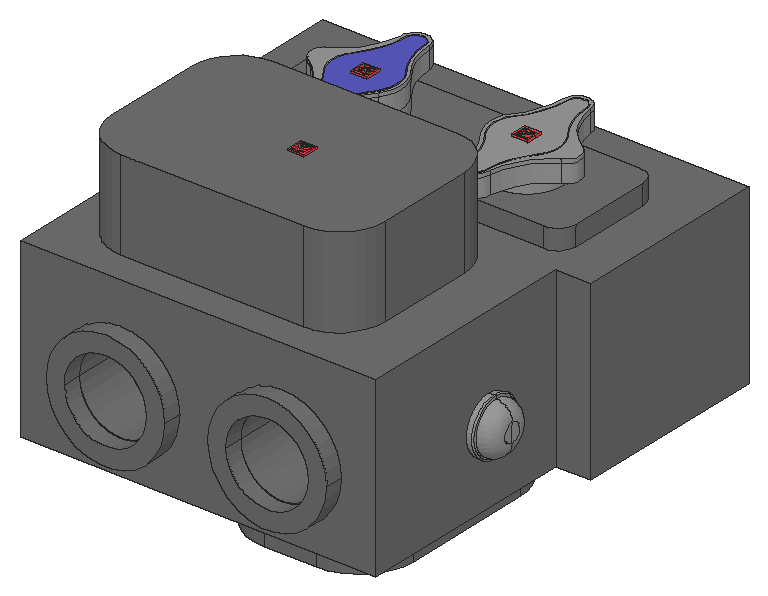
Revit family "HerzCon-узел прямого подключения для фанкойлов 90мм", category Rohrzubehör, Revit 2020
Family settings
  Bemaßung runder Anschluss = Durchmesser verwenden
  Teiletyp = Unterbricht
  OmniClass-Nummer = 23.65.55.14
  OmniClass-Titel = Valves for Liquid Services
  Arbeitsebenenbasiert = Nein
  Immer vertikal = Ja
  Beim Laden mit Abzugskörper schneiden = Nein
  Gemeinsam genutzt = Nein
Parameters (values of type "DN25")
  Среда = "Вода для системы отопления подготавливается в соответствии с ÖNORM H5195 или VDI 2035.\r\nВозможно использование этилена или пропиленгликоля в концентрации 25-50% объема."
  Применение = "HerzCON был разработан для простого подключения фанкойлов или AHU.\r\nHerzCON - это устройство, состоящее из независимого от давления комби-клапана - регулятора расхода (4006), HERZ фильтра-грязевика, HERZ крана для слива (2512) и двух HERZ мультифункциональных шаровых кранов.\r\nВключение, выключение и модульное управление возможно производить через приводы 0 - 10 В.\r\nПриводы могут быть интегрированы в BMS при необходимости.\r\nУстройство обеспечивает независимое от давления управление и в то же время гарантирует постоянный расход для конечного потребителя, максимизируя энергоэффективность системы.\r\nУстройство HerzCON также позволяет производить промывку и запирание.\r\nHerzCON предназначен для работы как в системах холодоснабжения, так и теплоснабжения.\r\nКран для слива, установленный на сетчатом фильтре, позволяет производить промывку устройства без необходимости извлечения сетчатого фильтра, а также позволяет очищать сетчатый фильтр в самом устройстве."
  Номер заказа теплоизолирующего кожуха [instance] = 1470098  # constant formula
  Номер заказа [instance] = 1460058  # constant formula
  Мин. рабочая температура = -20 °C  # constant formula
  Макс. рабочее давление = 2500000.0 Pa  # constant formula
  Макс. рабочая температура = 130 °C  # constant formula
  Макс. дифференциальное давление = 400000.0 Pa  # constant formula
  Корпус = "латунь, устойчивая к селективной цинковой коррозии"  # constant formula
  kvs-Wert (обычная работа) = "2.75"  # constant formula
  kvs-Wert (работа байпаса) = "10.00"  # constant formula
  Vorgabe-Ansicht = 0.00 mm
  URL = "www.herz-armaturen.ru"
  SCRNSEQ = "ARM;TYP_ARM=\"DURR\";02"
  SCRNCODE = "05;04;04"  # constant formula
  Nennweite SF [instance] = 32.00 mm  # constant formula
  Nennweite Kombi [instance] = 32.00 mm  # constant formula
  Nennweite KH [instance] = 25.00 mm  # constant formula
  Мембрана и уплотнительное кольцо O-Ring = "EPDM"  # constant formula
  L11 = 14.00 mm  # constant formula
  L10 = 25.00 mm  # constant formula
  L09 = 16.00 mm  # constant formula
  L08 = 14.75 mm  # constant formula
  L07 = 12.50 mm  # constant formula
  L06 = 20.50 mm  # constant formula
  L04 = 45.00 mm  # constant formula
  L03 = 18.00 mm  # constant formula
  L02 = 4.80 mm  # constant formula
  L01 = 19.85 mm  # constant formula
  L00 [instance] = 189.70 mm  # constant formula
  L05 = 22.00 mm  # constant formula
  Теплоизолирующий бокс = "EPP, вспененный полипропилен, паронепроницаемый, антидиффузионный, черного цвета"  # constant formula
  Ход = "4 мм"  # constant formula
  Hersteller = "HERZ Armaturen Ges.m.b.H."  # constant formula
  H02 = D02 + 1.00 mm  # 28.00 mm
  H01 = 39.50 mm  # constant formula
  Изоляция [instance] = yes
  D11 = 20.00 mm  # constant formula
  D10 = 13.00 mm  # constant formula
  D09 = 18.90 mm  # constant formula
  D08 = 19.10 mm  # constant formula
  D07 = 14.85 mm  # constant formula
  D06 = 32.60 mm  # constant formula
  D05 = 33.80 mm  # constant formula
  D04 = 15.50 mm  # constant formula
  D03 = 21.25 mm  # constant formula
  D02 = 27.00 mm  # constant formula
  D01 = 15.00 mm  # constant formula
Reference planes
  plane 1 "Mitte (Vorne/hinten)": y = 0
  plane 2: z = 0
  plane 3 "Mitte (Links/rechts)": x = 0
Forms (mm)
  Revolve 1, solid, material "Messing, weicher Gelbton, geschweißt", detail levels fine
    sketch origin (-0.315, -1.436, 0) x (1, 0, 0) y (0, 1, 0)
      loop
        line (-94.535, 1.436) -> (95.165, 1.436) -> (95.165, 16.436) -> (75.315, 16.436) -> (75.315, 28.436) -> (23.115, 28.436) -> (23.115, 22.686) -> (18.315, 22.686) -> (18.315, 16.936) -> (-17.685, 16.936) -> (-17.685, 22.686) -> (-22.485, 22.686) -> (-22.485, 28.436) -> (-74.685, 28.436) -> (-74.685, 16.436) -> (-94.535, 16.436) -> (-94.535, 1.436)
      axis (95.165, 1.436) -> (-94.535, 1.436)
    angle from 0 to 360
  Revolve 2, solid, material "Messing, weicher Gelbton, geschweißt", detail levels fine
    sketch origin (0, 0, 0) x (1, 0, 0) y (0, 1, 0)
      loop
        line (-45, 28.35) -> (-57.5, 28.35) -> (-57.5, 47.45) -> (-65.5, 47.45) -> (-65.5, 32.6) -> (-67, 32.6) -> (-67, -33.8) -> (-59.75, -33.8) -> (-59.75, -45.7) -> (-70, -45.7) -> (-70, -65.7) -> (-61, -65.7) -> (-61, -52.7) -> (-45, -52.7) -> (-45, 28.35)
      axis (-45, 47.45) -> (-45, -65.7)
    angle from 0 to 360
  Revolve 3, solid, material "Messing, weicher Gelbton, geschweißt", detail levels fine
    sketch origin (0, 0, 0) x (-1, 0, 0) y (0, 1, 0)
      loop
        line (-45, 28.35) -> (-57.5, 28.35) -> (-57.5, 47.45) -> (-65.5, 47.45) -> (-65.5, 32.6) -> (-67, 32.6) -> (-67, -33.8) -> (-59.75, -33.8) -> (-59.75, -45.7) -> (-70, -45.7) -> (-70, -65.7) -> (-61, -65.7) -> (-61, -52.7) -> (-45, -52.7) -> (-45, 28.35)
      axis (-45, 47.45) -> (-45, -65.7)
    angle from 0 to 360
  Revolve 4, solid, material "Messing, weicher Gelbton, geschweißt", detail levels fine
    sketch origin (0, 0, 0) x (1, 0, 0) y (0, 0, 1)
      loop
        line (-45, 0) -> (-45, 39.5) -> (-59, 39.5) -> (-59, 0) -> (-45, 0)
      axis (-45, 0) -> (-45, 39.5)
    angle from 0 to 360
  Revolve 5, solid, material "Messing, weicher Gelbton, geschweißt", detail levels fine
    sketch origin (0, 0, 0) x (-1, 0, 0) y (0, 0, 1)
      loop
        line (-45, 0) -> (-45, 39.5) -> (-59, 39.5) -> (-59, 0) -> (-45, 0)
      axis (-45, 0) -> (-45, 39.5)
    angle from 0 to 360
  Revolve 6, solid, material "Messing, weicher Gelbton, geschweißt", detail levels fine
    sketch origin (0, 33.127, 0) x (1, 0, 0) y (0, 1, 0)
      loop
        line (45, -87.677) -> (29, -87.677) -> (29, -96.677) -> (30, -96.677) -> (30, -154.677) -> (29, -154.677) -> (29, -163.677) -> (45, -163.677) -> (45, -87.677)
      axis (45, -87.677) -> (45, -163.677)
    angle from 0 to 360
  Revolve 7, solid, material "Messing, weicher Gelbton, geschweißt", detail levels fine
    sketch origin (0, 0, 0) x (1, 0, 0) y (0, 1, 0)
      loop
        line (25, -92.55) -> (25, -107.55) -> (45, -107.55) -> (60, -111.55) -> (68, -111.55) -> (68, -107.55) -> (78, -107.55) -> (78, -105.55) -> (91, -105.55) -> (91, -106.55) -> (100, -106.55) -> (100, -92.55) -> (25, -92.55)
      axis (25, -92.55) -> (100, -92.55)
    angle from 0 to 360
  Revolve 8, solid, material "Messing, weicher Gelbton, geschweißt", detail levels fine
    sketch origin (0, 0, 0) x (1, 0, 0) y (0, 1, 0)
      loop
        line (25, -92.55) -> (11, -92.55) -> (11, -103.55) -> (15, -103.55) -> (15, -109.55) -> (25, -109.55) -> (25, -92.55)
      axis (11, -92.55) -> (25, -92.55)
    angle from 0 to 360
  Extrusion 9, solid, material "Messing, weicher Gelbton, geschweißt", detail levels fine
    sketch origin (0, 0, 0) x (0, 1, 0) y (0, 0, 1)
      loop
        line (-87.8, 46) -> (-97.3, 46) -> (-130.012, 27.114) -> (-134.762, 18.886) -> (-134.762, -18.886) -> (-130.012, -27.114) -> (-97.3, -46) -> (-87.8, -46) -> (-55.088, -27.114) -> (-50.338, -18.886) -> (-50.338, 18.886) -> (-55.088, 27.114) -> (-87.8, 46)
    from 11 to -10.6
  Revolve 10, solid, material "Messing, weicher Gelbton, geschweißt", detail levels fine
    sketch origin (0, 0, 0) x (1, 0, 0) y (0, 1, 0)
      loop
        line (-10.6, -92.55) -> (-10.6, -62.694) -> (-14.1, -75.05) -> (-14.1, -92.55) -> (-10.6, -92.55)
      axis (-14.1, -92.55) -> (-10.6, -92.55)
    angle from 0 to 360
  Extrusion 11, solid, material "Messing, weicher Gelbton, geschweißt", detail levels fine
    sketch origin (0, 0, 0) x (1, 0, 0) y (0, 0, 1)
      loop
        line (11, 8) -> (-6.1, 8)
        arc (-6.1, 8) -> (-14.1, 0) -> (-6.1, -8) r 8
        line (-6.1, -8) -> (11, -8) -> (11, 8)
    from 49.053 to 92.55
  Revolve 12, solid, material "Messing, weicher Gelbton, geschweißt", detail levels fine
    sketch origin (0, 0, 0) x (1, 0, 0) y (0, 1, 0)
      loop
        line (-13.1, -49.053) -> (-6.1, -49.053) -> (-6.1, -33.053) -> (-13.1, -33.053) -> (-13.1, -44.053) -> (-10.1, -44.053) -> (-10.1, -46.053) -> (-13.1, -46.053) -> (-13.1, -49.053)
      axis (-6.1, -33.053) -> (-6.1, -49.053)
    angle from 0 to 360
  Revolve 13, solid, material "Messing, weicher Gelbton, geschweißt", detail levels fine
    sketch origin (45, 0, 0) x (0, 1, 0) y (0, 0, 1)
      loop
        line (-107.55, 29) -> (-116.55, 29) -> (-116.55, 0) -> (-115.35, 0) -> (-115.35, -27) -> (-114.55, -27) -> (-114.55, -30) -> (-111.55, -30) -> (-111.55, -32) -> (-114.55, -32) -> (-114.55, -43) -> (-107.55, -43) -> (-107.55, 29)
      axis (-107.55, 29) -> (-107.55, -43)
    angle from 0 to 360
  Revolve 14, solid, material "Messing, weicher Gelbton, geschweißt", detail levels fine
    sketch origin (45, 0, 0) x (0, 1, 0) y (0, 0, 1)
      loop
        line (-68.55, 29) -> (-77.55, 29) -> (-77.55, 0) -> (-68.55, 0) -> (-68.55, 29)
      axis (-77.55, 29) -> (-77.55, 0)
    angle from 0 to 360
  Revolve 15, solid, material "Messing, weicher Gelbton, geschweißt", detail levels fine
    sketch origin (5.25, 97.957, 0) x (1, 0, 0) y (0, 1, 0)
      loop
        line (-50.25, -152.507) -> (-66.25, -152.507) -> (-66.25, -167.507) -> (-67.75, -167.507) -> (-67.75, -230.907) -> (-66.25, -230.907) -> (-66.25, -242.507) -> (-50.25, -242.507) -> (-50.25, -152.507)
      axis (-50.25, -152.507) -> (-50.25, -242.507)
    angle from 0 to 360
  Revolve 16, solid, material "Messing, weicher Gelbton, geschweißt", detail levels fine
    sketch origin (-45, -230.478, 0) x (0, 1, 0) y (0, 0, 1)
      loop
        arc (130.928, -23.913) -> (141.764, -20.377) -> (148.428, -11.13) r 18.37
        line (148.428, -11.13) -> (148.428, 3) -> (149.428, 4.812) -> (149.428, 32.5) -> (149.428, 34.5) -> (148.428, 34.5) -> (148.428, 36) -> (144.428, 36) -> (144.428, 49) -> (142.55, 50.084)
        arc (142.55, 50.084) -> (140.382, 52.622) -> (140.295, 55.959) r 5
        line (140.295, 55.959) -> (141.933, 61) -> (141.933, 76) -> (144.133, 76) -> (144.133, 77.5) -> (145.912, 77.5) -> (145.912, 84) -> (144.912, 86.5) -> (133.412, 86.5) -> (133.412, 89.5) -> (134.912, 89.5) -> (134.912, 91.5) -> (130.928, 91.5) -> (130.928, -23.913)
      axis (130.928, 91.5) -> (130.928, -23.913)
    angle from 0 to 360
  Extrusion 17, solid, material "Messing, weicher Gelbton, geschweißt", detail levels fine
    sketch origin (-1, -230.478, 0) x (0, 1, 0) y (0, 0, 1)
      loop
        circle (130.928, 65) r 5.5
    from -44 to -27
  Extrusion 18, solid, material "Kunststoff-Anthrazit/Schwarz", visible <- "Изоляция", detail levels fine
    sketch origin (-452.346, 0, 0) x (1, 0, 0) y (0, 1, 0)
      loop
        line (332.346, 64.5) -> (332.346, -45.5) -> (351.746, -45.5) -> (351.746, -170.5) -> (549.946, -170.5) -> (549.946, -45.5) -> (569.346, -45.5) -> (569.346, 64.5) -> (332.346, 64.5)
    from -42 to 56
  Extrusion 19, void
    sketch origin (0, 0, 0) x (0, 1, 0) y (0, 0, 1)
      loop
        circle (-92.55, 0) r 15
    from 117 to 32.451
  Extrusion 20, void
    sketch origin (0, 0, 0) x (1, 0, 0) y (0, 0, 1)
      loop
        circle (-45, 0) r 23
      loop
        circle (45, 0) r 23
    from 184.5 to -80
  Extrusion 21, solid, material "Kunststoff-Anthrazit/Schwarz", visible <- "Изоляция", detail levels fine
    sketch origin (0, 0, 0) x (1, 0, 0) y (0, 0, 1)
      loop
        circle (-45, 0) r 33
      loop
        circle (45, 0) r 33
    from 180.5 to 170.5
  Extrusion 22, solid, material "Kunststoff-Anthrazit/Schwarz", visible <- "Изоляция", detail levels fine
    sketch origin (0, 0, 0) x (1, 0, 0) y (0, 0, 1)
      loop
        circle (-45, 0) r 33
      loop
        circle (45, 0) r 33
    from -64.5 to -74.5
  Extrusion 23, solid, material "Kunststoff-Anthrazit/Schwarz", visible <- "Изоляция", detail levels fine
    sketch origin (0, 0, 0) x (1, 0, 0) y (0, 1, 0)
      loop
        line (43.2, -46.9) -> (-58.4, -46.9)
        arc (-58.4, -46.9) -> (-76.078, -54.222) -> (-83.4, -71.9) r 25
        line (-83.4, -71.9) -> (-83.4, -128)
        arc (-83.4, -128) -> (-76.078, -145.678) -> (-58.4, -153) r 25
        line (-58.4, -153) -> (43.2, -153)
        arc (43.2, -153) -> (60.878, -145.678) -> (68.2, -128) r 25
        line (68.2, -128) -> (68.2, -71.9)
        arc (68.2, -71.9) -> (60.878, -54.222) -> (43.2, -46.9) r 25
    from 56 to 106
  Extrusion 24, solid, material "Kunststoff-Anthrazit/Schwarz", visible <- "Изоляция", detail levels fine
    sketch origin (0, 0, 0) x (1, 0, 0) y (0, 1, 0)
      loop
        arc (81.5, -33.43) -> (88.571, -30.501) -> (91.5, -23.43) r 10
        line (91.5, -23.43) -> (91.5, 22.8)
        arc (91.5, 22.8) -> (88.571, 29.871) -> (81.5, 32.8) r 10
        line (81.5, 32.8) -> (-81.5, 32.8)
        arc (-81.5, 32.8) -> (-88.571, 29.871) -> (-91.5, 22.8) r 10
        line (-91.5, 22.8) -> (-91.5, -23.43)
        arc (-91.5, -23.43) -> (-88.571, -30.501) -> (-81.5, -33.43) r 10
        line (-81.5, -33.43) -> (81.5, -33.43)
    from 56 to 67
  Extrusion 25, solid, material "Kunststoff-Anthrazit/Schwarz", visible <- "Изоляция", detail levels fine
    sketch origin (0, 0, 0) x (1, 0, 0) y (0, 1, 0)
      loop
        arc (5.4, 1.85) -> (-15.813, -6.937) -> (-24.6, -28.15) r 30
        line (-24.6, -28.15) -> (-24.6, -102.9)
        arc (-24.6, -102.9) -> (-15.813, -124.113) -> (5.4, -132.9) r 30
        line (5.4, -132.9) -> (34.4, -132.9)
        arc (34.4, -132.9) -> (55.613, -124.113) -> (64.4, -102.9) r 30
        line (64.4, -102.9) -> (64.4, -28.15)
        arc (64.4, -28.15) -> (55.613, -6.937) -> (34.4, 1.85) r 30
        line (34.4, 1.85) -> (5.4, 1.85)
    from -42 to -76
Cuts and joins
  Extrusion 19, Extrusion 20 cuts Extrusion 18
  Extrusion 20 cuts Extrusion 21
  Extrusion 20 cuts Extrusion 22
Dimensions and locks
  "D04": Revolve 1 sketch curve to Revolve 1 sketch curve
  "D03": Revolve 1 sketch curve to Revolve 1 sketch curve  (x2)
  "D01": Revolve 1 sketch curve to Revolve 1 sketch curve  (x2)
  "D02": Revolve 1 sketch curve to Revolve 1 sketch curve  (x2)
  "L00": Revolve 1 sketch curve to Revolve 1 sketch curve
  "L01": Revolve 1 sketch curve to Revolve 1 sketch curve  (x2)
  "L02": Revolve 1 sketch curve to Revolve 1 sketch curve  (x2)
  equal spacing: Revolve 1 sketch curve, plane 3 "Mitte (Links/rechts)", Revolve 1 sketch curve
  "L03": Revolve 1 sketch curve to plane 3 "Mitte (Links/rechts)" to Revolve 1 sketch curve
  "L04": Revolve 2 sketch curve to plane 3 "Mitte (Links/rechts)"  (x2)
  "L05": Revolve 2 sketch curve to Revolve 2 sketch curve
  "D05": Revolve 2 sketch curve to plane 1 "Mitte (Vorne/hinten)"
  "D06": plane 1 "Mitte (Vorne/hinten)" to Revolve 2 sketch curve
  "L06": Revolve 2 sketch curve to Revolve 2 sketch curve
  "D07": Revolve 2 sketch curve to Revolve 2 sketch curve
  "D08": Revolve 2 sketch curve to Revolve 2 sketch curve
  "L07": Revolve 2 sketch curve to Revolve 2 sketch curve
  "L08": Revolve 2 sketch curve to Revolve 2 sketch curve
  "D09": Revolve 2 sketch curve to Revolve 2 sketch curve
  "D10": Revolve 2 sketch curve to Revolve 2 sketch curve
  "D11": Revolve 2 sketch curve to Revolve 2 sketch curve
  "L09": Revolve 2 sketch curve to Revolve 2 sketch curve
  "L10": Revolve 2 sketch curve to Revolve 2 sketch curve
  "L05": Revolve 3 sketch curve to Revolve 3 sketch curve
  "L06": Revolve 3 sketch curve to Revolve 3 sketch curve
  "D07": Revolve 3 sketch curve to Revolve 3 sketch curve
  "D08": Revolve 3 sketch curve to Revolve 3 sketch curve
  "L07": Revolve 3 sketch curve to Revolve 3 sketch curve
  "L08": Revolve 3 sketch curve to Revolve 3 sketch curve
  "D09": Revolve 3 sketch curve to Revolve 3 sketch curve
  "D10": Revolve 3 sketch curve to Revolve 3 sketch curve
  "D11": Revolve 3 sketch curve to Revolve 3 sketch curve
  "L09": Revolve 3 sketch curve to Revolve 3 sketch curve
  "L10": Revolve 3 sketch curve to Revolve 3 sketch curve
  "L04": plane 3 "Mitte (Links/rechts)" to Revolve 3 sketch curve  (x2)
  "D05": Revolve 3 sketch curve to plane 1 "Mitte (Vorne/hinten)"
  "D06": plane 1 "Mitte (Vorne/hinten)" to Revolve 3 sketch curve
  "H01": Revolve 4 sketch curve to plane 2
  "L04": plane 3 "Mitte (Links/rechts)" to Revolve 4 sketch curve  (x2)
  "L11": Revolve 4 sketch curve to Revolve 4 sketch curve
  "L11": Revolve 5 sketch curve to Revolve 5 sketch curve
  "L04": Revolve 5 sketch curve to plane 3 "Mitte (Links/rechts)"  (x2)
  "H01": Revolve 5 sketch curve to plane 2
  "L04": nested 3 to plane 3 "Mitte (Links/rechts)"
  "L04": plane 3 "Mitte (Links/rechts)" to nested 4
  "H02": nested 3 to plane 2
  "H02": nested 4 to plane 2
  "L04": plane 3 "Mitte (Links/rechts)" to Revolve 6 sketch curve  (x2)
  Revolve 6 sketch curve to Revolve 6 sketch curve = 16.00 mm  (x2)
  Revolve 6 sketch curve to Revolve 6 sketch curve = 15.00 mm
  Revolve 6 sketch curve to Revolve 6 sketch curve = 76.00 mm
  Revolve 6 sketch curve to Revolve 6 sketch curve = 9.00 mm  (x2)
  equal spacing: Revolve 6, Revolve 7 sketch curve, Revolve 6  (x2)
  Revolve 7 sketch curve to Revolve 7 sketch curve = 75.00 mm
  Revolve 7 sketch curve to Revolve 7 sketch curve = 9.00 mm
  Revolve 7 sketch curve to Revolve 7 sketch curve = 13.00 mm  (x2)
  Revolve 7 sketch curve to Revolve 7 sketch curve = 10.00 mm
  "L04": plane 3 "Mitte (Links/rechts)" to Revolve 7 sketch curve
  Revolve 7 sketch curve to Revolve 7 sketch curve = 14.00 mm
  Revolve 7 sketch curve to Revolve 7 sketch curve = 15.00 mm  (x2)
  Revolve 7 sketch curve to Revolve 7 sketch curve = 20.00 mm
  Revolve 7 sketch curve to Revolve 7 sketch curve = 35.00 mm
  Revolve 8 sketch curve to Revolve 7 = 20.00 mm
  equal spacing: Revolve 6, Revolve 8 sketch curve, Revolve 6  (x2)
  Revolve 8 sketch curve to Revolve 8 sketch curve = 17.00 mm
  Revolve 8 sketch curve to Revolve 8 sketch curve = 11.00 mm
  Revolve 8 sketch curve to Revolve 8 sketch curve = 14.00 mm
  Revolve 8 sketch curve to Revolve 8 sketch curve = 10.00 mm
  Revolve 6 to Extrusion 9 sketch curve = 4.212 mm
  Extrusion 9 sketch curve to Revolve 6 = 4.212 mm
  Extrusion 9 sketch curve to Extrusion 9 sketch curve = 84.424 mm
  equal spacing: Extrusion 9 sketch curve, level, Extrusion 9 sketch curve
  Extrusion 9 to Revolve 7 = 34.00 mm
  equal spacing: Revolve 6, Revolve 10 sketch curve, Revolve 6  (x2)
  Revolve 10 sketch curve to Revolve 10 sketch curve = 17.50 mm
  Revolve 10 sketch curve to Revolve 10 sketch curve = 29.856 mm
  Revolve 10 sketch curve to Extrusion 9 = 3.50 mm
  equal spacing: Revolve 6, nested 5, Revolve 6
  Revolve 7 to nested 5 = 46.00 mm
  Extrusion 9 to Revolve 10 = 25.10 mm
  Revolve 12 sketch curve to Revolve 12 sketch curve = 7.00 mm  (x2)
  Revolve 12 sketch curve to Revolve 12 sketch curve = 4.00 mm
  Revolve 12 sketch curve to Revolve 12 sketch curve = 3.00 mm
  Revolve 12 sketch curve to Revolve 12 sketch curve = 2.00 mm
  Revolve 12 sketch curve to Revolve 12 sketch curve = 11.00 mm
  Revolve 10 to Revolve 12 sketch curve = 1.00 mm
  Revolve 10 to Revolve 12 sketch curve = 8.00 mm
  Extrusion 11 to Revolve 12 sketch curve = 43.497 mm
  equal spacing: Revolve 6, Extrusion 11, Revolve 6
  Extrusion 11 to Extrusion 11 = 43.497 mm
  Revolve 3 to Revolve 6 = 178.00 mm
  Revolve 13 sketch curve to Revolve 13 sketch curve = 7.80 mm
  Revolve 13 sketch curve to Revolve 13 sketch curve = 9.00 mm
  Revolve 13 sketch curve to Revolve 13 sketch curve = 7.00 mm  (x2)
  Revolve 13 sketch curve to Revolve 13 sketch curve = 4.00 mm
  Revolve 13 sketch curve to Revolve 13 sketch curve = 3.00 mm
  Revolve 13 sketch curve to Revolve 13 sketch curve = 2.00 mm
  Revolve 13 sketch curve to Revolve 13 sketch curve = 11.00 mm
  "L04": plane 3 "Mitte (Links/rechts)" to Revolve 13
  Revolve 14 sketch curve to Revolve 14 sketch curve = 9.00 mm
  "L04": plane 3 "Mitte (Links/rechts)" to Revolve 14
  nested 7 to plane 2 = 29.00 mm
  nested 6 to plane 2 = 29.00 mm
  Revolve 15 sketch curve to Revolve 15 sketch curve = 11.60 mm
  Revolve 15 sketch curve to Revolve 15 sketch curve = 15.00 mm
  Revolve 15 sketch curve to Revolve 15 sketch curve = 90.00 mm
  Revolve 15 sketch curve to Revolve 15 sketch curve = 16.00 mm  (x2)
  Revolve 15 sketch curve to Revolve 15 sketch curve = 17.50 mm
  Revolve 15 to Revolve 16 sketch curve = 45.00 mm  (x2)
  Revolve 15 to Extrusion 17 sketch curve = 45.00 mm
  nested 8 to Revolve 15 = 45.00 mm
  plane 2 to Revolve 16 sketch curve = 23.913 mm
  Revolve 16 sketch curve to plane 2 = 34.50 mm
  Revolve 16 sketch curve to Revolve 16 sketch curve = 17.50 mm  (x2)
  Revolve 16 sketch curve to plane 2 = 4.812 mm
  Revolve 16 sketch curve to Revolve 16 sketch curve = 18.50 mm
  Revolve 16 sketch curve to Revolve 16 sketch curve = 1.50 mm
  Revolve 16 sketch curve to Revolve 16 sketch curve = 13.50 mm
  Revolve 16 sketch curve to Revolve 16 sketch curve = 13.00 mm
  "L04": Revolve 16 to plane 3 "Mitte (Links/rechts)"
  "L04": Revolve 15 sketch curve to plane 3 "Mitte (Links/rechts)"  (x2)
  Extrusion 17 to Extrusion 17 = 17.00 mm
  "L04": plane 3 "Mitte (Links/rechts)" to Extrusion 17
  Revolve 16 to Extrusion 17 sketch curve = 11.00 mm
  Extrusion 17 sketch curve to plane 2 = 65.00 mm
  Revolve 15 to Revolve 2 = 192.00 mm
  Extrusion 18 sketch curve to Extrusion 18 sketch curve = 237.00 mm
  Extrusion 18 sketch curve to Extrusion 18 sketch curve = 235.00 mm
  Extrusion 18 sketch curve to Extrusion 18 sketch curve = 19.40 mm  (x2)
  plane 1 "Mitte (Vorne/hinten)" to Extrusion 18 sketch curve = 64.50 mm
  Extrusion 18 sketch curve to Extrusion 18 sketch curve = 110.00 mm  (x2)
  cut or joined group of Extrusion 18, Extrusion 19, Extrusion 20 to Extrusion 19 sketch curve = 77.95 mm
  cut or joined group of Extrusion 18, Extrusion 19, Extrusion 20 to Extrusion 20 sketch curve = 52.00 mm
  cut or joined group of Extrusion 18, Extrusion 19, Extrusion 20 to Extrusion 20 sketch curve = 142.00 mm
  cut or joined group of Extrusion 18, Extrusion 19, Extrusion 20 to Extrusion 21 sketch curve = 42.00 mm
  cut or joined group of Extrusion 18, Extrusion 19, Extrusion 20 to Extrusion 21 sketch curve = 132.00 mm
  cut or joined group of Extrusion 18, Extrusion 19, Extrusion 20 to Extrusion 22 sketch curve = 42.00 mm
  cut or joined group of Extrusion 18, Extrusion 19, Extrusion 20 to Extrusion 22 sketch curve = 132.00 mm
  cut or joined group of Extrusion 18, Extrusion 19, Extrusion 20 to Extrusion 23 sketch curve = 17.50 mm
  cut or joined group of Extrusion 18, Extrusion 19, Extrusion 20 to Extrusion 23 sketch curve = 17.20 mm
  Extrusion 23 sketch curve to Extrusion 23 sketch curve = 151.60 mm
  Extrusion 23 sketch curve to Extrusion 23 sketch curve = 106.10 mm
  Extrusion 24 sketch curve to Extrusion 24 sketch curve = 66.23 mm
  Extrusion 24 sketch curve to Extrusion 24 sketch curve = 183.00 mm
  cut or joined group of Extrusion 18, Extrusion 19, Extrusion 20 to Extrusion 24 sketch curve = 28.50 mm
  Extrusion 24 sketch curve to cut or joined group of Extrusion 18, Extrusion 19, Extrusion 20 = 25.50 mm
  cut or joined group of Extrusion 18, Extrusion 19, Extrusion 20 to Extrusion 24 sketch curve = 31.70 mm
  cut or joined group of Extrusion 18, Extrusion 19, Extrusion 20 to Extrusion 25 sketch curve = 62.65 mm
  Extrusion 25 sketch curve to Extrusion 25 sketch curve = 134.75 mm
  Extrusion 25 sketch curve to cut or joined group of Extrusion 18, Extrusion 19, Extrusion 20 = 52.60 mm
  Extrusion 25 sketch curve to Extrusion 25 sketch curve = 89.00 mm
  equal spacing: Extrusion 23, nested 9, Extrusion 23
  nested 9 to plane 2 = 105.20 mm
  radius of Revolve 16 sketch curve = 18.37 mm
  radius of Extrusion 17 sketch curve = 5.50 mm
  diameter of Extrusion 19 sketch curve = 30.00 mm
  diameter of Extrusion 20 sketch curve = 46.00 mm  (x2)
  diameter of Extrusion 21 sketch curve = 66.00 mm  (x2)
  diameter of Extrusion 22 sketch curve = 66.00 mm  (x2)
  aligned and locked: level to plane 2
Automatic sketch dimensions
  Extrusion 11 sketch curve to level = 0.00 mm
  Extrusion 11 sketch curve to plane 3 "Mitte (Links/rechts)" = 6.10 mm
  plane 3 "Mitte (Links/rechts)" to Extrusion 11 sketch curve = 11.00 mm
  Extrusion 11 sketch curve to level = 8.00 mm
  Revolve 8 sketch curve to Revolve 8 sketch curve = 2.197 mm
  Revolve 8 sketch curve to Revolve 8 sketch curve = 3.212 mm
  level to Extrusion 9 sketch curve = 27.114 mm  (x2)
  Extrusion 9 sketch curve to Extrusion 9 sketch curve = 4.75 mm  (x4)
  Extrusion 9 sketch curve to level = 27.114 mm  (x2)
  Extrusion 9 sketch curve to Extrusion 9 sketch curve = 32.712 mm  (x2)
  Extrusion 9 sketch curve to Extrusion 9 sketch curve = 9.50 mm  (x2)
  Extrusion 9 sketch curve to Extrusion 9 sketch curve = 18.886 mm
  Extrusion 9 sketch curve to Extrusion 9 sketch curve = 8.227 mm  (x4)
  Revolve 10 sketch curve to plane 3 "Mitte (Links/rechts)" = 10.60 mm
  Revolve 10 sketch curve to Revolve 10 sketch curve = 0.00 mm  (x2)
  Revolve 12 sketch curve to Revolve 12 sketch curve = 1.775 mm
  Revolve 12 sketch curve to Revolve 12 sketch curve = 4.225 mm
  Revolve 13 sketch curve to level = 0.00 mm
  level to Revolve 13 sketch curve = 29.00 mm
  plane 1 "Mitte (Vorne/hinten)" to Revolve 13 sketch curve = 116.55 mm
  Revolve 13 sketch curve to level = 27.00 mm
  Revolve 13 sketch curve to Revolve 13 sketch curve = 7.00 mm
  Revolve 13 sketch curve to Revolve 13 sketch curve = 7.744 mm
  Revolve 13 sketch curve to Revolve 13 sketch curve = 8.256 mm
  Revolve 14 sketch curve to level = 0.00 mm
  level to Revolve 14 sketch curve = 29.00 mm
  plane 1 "Mitte (Vorne/hinten)" to Revolve 14 sketch curve = 77.55 mm
  Revolve 14 sketch curve to Revolve 14 sketch curve = 0.00 mm
  level to Revolve 14 sketch curve = 14.00 mm
  Revolve 14 sketch curve to Revolve 14 sketch curve = 5.00 mm
  Revolve 16 sketch curve to Revolve 16 sketch curve = 2.485 mm
  Revolve 16 sketch curve to Revolve 16 sketch curve = 1.50 mm  (x2)
  level to Revolve 16 sketch curve = 55.959 mm
  Revolve 16 sketch curve to Revolve 16 sketch curve = 4.133 mm
  level to Revolve 16 sketch curve = 61.00 mm
  Revolve 16 sketch curve to Revolve 16 sketch curve = 1.638 mm
  level to Revolve 16 sketch curve = 50.084 mm
  Revolve 16 sketch curve to Revolve 16 sketch curve = 1.878 mm
  Revolve 16 sketch curve to Revolve 16 sketch curve = 10.00 mm
  Revolve 16 sketch curve to Revolve 16 sketch curve = 2.50 mm  (x2)
  Revolve 16 sketch curve to Revolve 16 sketch curve = 1.00 mm
  Revolve 16 sketch curve to Revolve 16 sketch curve = 1.812 mm
  Revolve 16 sketch curve to Revolve 16 sketch curve = 2.00 mm  (x2)
  Revolve 16 sketch curve to Revolve 16 sketch curve = 15.00 mm
  Revolve 16 sketch curve to Revolve 16 sketch curve = 6.50 mm
  Revolve 16 sketch curve to Revolve 16 sketch curve = 3.00 mm
  Revolve 16 sketch curve to Revolve 16 sketch curve = 2.20 mm
  Revolve 16 sketch curve to Revolve 16 sketch curve = 1.316 mm
  Revolve 16 sketch curve to Revolve 16 sketch curve = 0.227 mm
  Extrusion 18 sketch curve to plane 3 "Mitte (Links/rechts)" = 120.00 mm
  Extrusion 19 sketch curve to level = 0.00 mm
  Extrusion 20 sketch curve to level = 0.00 mm  (x2)
  Extrusion 21 sketch curve to level = 0.00 mm  (x2)
  Extrusion 22 sketch curve to level = 0.00 mm  (x2)
  Extrusion 23 sketch curve to Extrusion 23 sketch curve = 25.00 mm  (x4)
  Extrusion 24 sketch curve to Extrusion 24 sketch curve = 10.00 mm  (x4)
  Extrusion 25 sketch curve to Extrusion 25 sketch curve = 30.00 mm
  plane 1 "Mitte (Vorne/hinten)" to Extrusion 25 sketch curve = 28.15 mm
  Extrusion 25 sketch curve to Extrusion 25 sketch curve = 29.00 mm  (x2)
  Revolve 1 sketch curve to plane 1 "Mitte (Vorne/hinten)" = 0.00 mm
  plane 1 "Mitte (Vorne/hinten)" to Revolve 1 sketch curve = 0.00 mm
  Revolve 1 sketch curve to Revolve 1 sketch curve = 1933.131 mm
  Revolve 1 sketch curve to Revolve 1 sketch curve = 1932.50 mm
  plane 1 "Mitte (Vorne/hinten)" to Revolve 2 sketch curve = 18.80 mm
  Revolve 2 sketch curve to Revolve 2 sketch curve = 12.268 mm
  Revolve 3 sketch curve to plane 1 "Mitte (Vorne/hinten)" = 18.80 mm
  Revolve 3 sketch curve to Revolve 3 sketch curve = 12.268 mm
  Revolve 4 sketch curve to level = 0.00 mm  (x2)
  Revolve 4 sketch curve to Revolve 4 sketch curve = 9.50 mm
  Revolve 5 sketch curve to level = 0.00 mm  (x2)
  Revolve 5 sketch curve to Revolve 5 sketch curve = 9.50 mm
  plane 1 "Mitte (Vorne/hinten)" to Revolve 6 sketch curve = 130.55 mm
  Revolve 6 sketch curve to Revolve 6 sketch curve = 6.00 mm
  Revolve 6 sketch curve to Revolve 6 sketch curve = 5.00 mm
  Revolve 7 sketch curve to Revolve 7 sketch curve = 4.00 mm
  Revolve 7 sketch curve to Revolve 7 sketch curve = 15.00 mm
  Revolve 7 sketch curve to Revolve 7 sketch curve = 11.575 mm
  plane 1 "Mitte (Vorne/hinten)" to Revolve 15 sketch curve = 144.55 mm
  Revolve 15 sketch curve to Revolve 15 sketch curve = 6.926 mm
  Revolve 15 sketch curve to Revolve 15 sketch curve = 10.00 mm
Nested families
  nested 1: "Herz-Logo-vorne" at (-0.315, -15.5, 0) x (0, 1, 0) z (0, 0, 1), type "Herz-Logo-vorne", detail levels fine
  nested 2: "Herz-Logo-vorne" at (-0.315, 15.5, 0) x (0, 1, 0) z (0, 0, 1), type "Herz-Logo-vorne", detail levels fine
  nested 3: "Handrad (blau) für HerzCon DN25-DN32" at (-45, 0, 28) x (0, -1, 0) z (0, 0, 1), type "Handrad (blau) für HerzCon DN25-DN32", detail levels fine
  nested 4: "Handrad (rot) für HerzCon DN25-DN32" at (45, 0, 28) x (0, 1, 0) z (0, 0, 1), type "Handrad (rot) für HerzCon DN25-DN32", detail levels fine
  nested 5: "Bauschutzkappe für HerCon" at (91, -92.55, 0), type "Bauschutzkappe für HerCon"
  nested 6: "Messstutzen_Band_Austritt_senkrecht_(oben)" at (45, -77.55, 11.5), type "Messstutzen_Band_Austritt_senkrecht_(oben)"
    with Schutzkappe yes, Nennweite 0.00 mm, Gewicht 0.00 kg, Bestellnummer 0
  nested 7: "Messstutzen_Band_Eintritt_senkrecht_(oben)" at (45, -107.55, 11.5), type "Messstutzen_Band_Eintritt_senkrecht_(oben)"
    with Schutzkappe yes, Nennweite 0.00 mm, Gewicht 0.00 kg, Bestellnummer 0
  nested 8: "Flügelgriff rot (seite)" at (-32.6, -99.55, 65), type "Flügelgriff rot (seite)"
  nested 9: "Herz-Logo" at (0, -99.95, 105.2), visible <- "Изоляция", type "Herz-Logo", detail levels fine
Connectors
  piping at (45, -130.55, 0), diameter 32, driven by "Nennweite Kombi"
    settings: on Revolve 6, index 1, connector inside diameter 609.6 mm, connector length 0.00 mm, flow factor 0, pipe flow 0.0 L/s, pressure drop 0.0 Pa, fitting loss kfactor 0, connector angle 0.00°, fixture units 0, engagement length 0.00 mm, angle of deflection 0.00°, flow configuration 0, flow direction 1, fitting loss method 0, system type 7, joint type 0, gender type 0, connector reference index -1, connector utility 0, adjustable connector no, is connector primary yes, connector description ""
  piping at (-45, -144.55, 0), diameter 32, driven by "Nennweite SF"
    settings: on Revolve 15, index 2, connector inside diameter 609.6 mm, connector length 0.00 mm, flow factor 0, pipe flow 0.0 L/s, pressure drop 0.0 Pa, fitting loss kfactor 0, connector angle 0.00°, fixture units 0, engagement length 0.00 mm, angle of deflection 0.00°, flow configuration 0, flow direction 2, fitting loss method 0, system type 8, joint type 0, gender type 0, connector reference index -1, connector utility 0, adjustable connector no, is connector primary no, connector description ""
  piping at (-45, 28.35, 0), diameter 25, driven by "Nennweite KH"
    settings: on Revolve 2, index 3, connector inside diameter 609.6 mm, connector length 0.00 mm, flow factor 0, pipe flow 0.0 L/s, pressure drop 0.0 Pa, fitting loss kfactor 0, connector angle 0.00°, fixture units 0, engagement length 0.00 mm, angle of deflection 0.00°, flow configuration 0, flow direction 1, fitting loss method 0, system type 8, joint type 0, gender type 0, connector reference index -1, connector utility 0, adjustable connector no, is connector primary no, connector description ""
  piping at (45, 28.35, 0), diameter 25, driven by "Nennweite KH"
    settings: on Revolve 3, index 4, connector inside diameter 609.6 mm, connector length 0.00 mm, flow factor 0, pipe flow 0.0 L/s, pressure drop 0.0 Pa, fitting loss kfactor 0, connector angle 0.00°, fixture units 0, engagement length 0.00 mm, angle of deflection 0.00°, flow configuration 0, flow direction 2, fitting loss method 0, system type 7, joint type 0, gender type 0, connector reference index -1, connector utility 0, adjustable connector no, is connector primary no, connector description ""
Definition of nested family "Herz-Logo-vorne"
  Parameters (values of type "Herz-Logo-vorne")
    Default Elevation = 0.00 mm
  Reference planes
    plane 1 "Mitte (Vorne/hinten)": y = 0
    plane 2: z = 0
    plane 3 "Mitte (Links/rechts)": x = 0
  Forms (mm)
    Extrusion 1, solid
      sketch origin (0.732, -0.018, 0.017) x (0, -1, 0) y (0, 0, 1)
        loop
          line (-0.018, -4.517) -> (4.482, -4.517) -> (4.482, 4.483) -> (-4.518, 4.483) -> (-4.518, -4.517) -> (-0.018, -4.517)
        loop
          line (-0.05, -3.48) -> (3.482, -3.48) -> (3.482, 3.483) -> (-3.518, 3.483) -> (-3.518, -3.48) -> (-0.05, -3.48)
        loop
          arc (-0.018, 2.383) -> (-1.543, 3.287) -> (-3.067, 2.383) r 1.738
          arc (-3.067, 2.383) -> (-3.191, 1.899) -> (-3.067, 1.415) r 1.009
          line (-3.067, 1.415) -> (-0.018, -3.281) -> (3.032, 1.415)
          arc (3.032, 1.415) -> (3.156, 1.899) -> (3.032, 2.383) r 1.009
          arc (3.032, 2.383) -> (1.507, 3.287) -> (-0.018, 2.383) r 1.738
        loop
          arc (1.885, 1.272) -> (2.005, 1.675) -> (1.885, 2.079) r 0.74
          arc (1.885, 2.079) -> (1.265, 2.416) -> (0.644, 2.079) r 0.74
          line (0.644, 2.079) -> (-0.018, 0.97) -> (-0.679, 2.079)
          arc (-0.679, 2.079) -> (-1.3, 2.416) -> (-1.921, 2.079) r 0.74
          arc (-1.921, 2.079) -> (-2.04, 1.675) -> (-1.921, 1.272) r 0.74
          line (-1.921, 1.272) -> (-0.018, -1.658) -> (1.885, 1.272)
      from 0 to 1.5
  Dimensions and locks
    aligned and locked: level to plane 2
Definition of nested family "Handrad (blau) für HerzCon DN25-DN32"
  Parameters (values of type "Handrad (blau) für HerzCon DN25-DN32")
    Default Elevation = 0.00 mm
  Reference planes
    plane 1 "Mitte (Vorne/hinten)": y = 0
    plane 2: z = 0
    plane 3 "Mitte (Links/rechts)": x = 0
  Forms (mm)
    Extrusion 1, solid, detail levels fine
      sketch origin (0, 0, 0) x (1, 0, 0) y (0, 1, 0)
        loop
          circle (0, 0) r 20
      from 0 to 45
    Extrusion 2, solid, detail levels fine
      sketch origin (0, 0, 0) x (1, 0, 0) y (0, 1, 0)
        loop
          arc (-35, 7.5) -> (-42.5, 0) -> (-35, -7.5) r 7.5
          arc (-35, -7.5) -> (-19.287, -13.2) -> (-7.275, -24.825) r 40
          arc (-7.275, -24.825) -> (0, -30) -> (7.275, -24.825) r 7.7
          arc (7.275, -24.825) -> (19.287, -13.2) -> (35, -7.5) r 40
          arc (35, -7.5) -> (42.5, 0) -> (35, 7.5) r 7.5
          arc (35, 7.5) -> (22.22, 10.127) -> (10.965, 16.726) r 40
          arc (10.965, 16.726) -> (0, 20) -> (-10.965, 16.726) r 20
          arc (-10.965, 16.726) -> (-22.22, 10.127) -> (-35, 7.5) r 40
      from 45 to 55
    Extrusion 3, solid, detail levels fine
      sketch origin (0, 0, 0) x (1, 0, 0) y (0, 1, 0)
        loop
          arc (-35, 7.5) -> (-42.5, 0) -> (-35, -7.5) r 7.5
          arc (-35, -7.5) -> (-19.287, -13.2) -> (-7.275, -24.825) r 40
          arc (-7.275, -24.825) -> (0, -30) -> (7.275, -24.825) r 7.7
          arc (7.275, -24.825) -> (19.287, -13.2) -> (35, -7.5) r 40
          arc (35, -7.5) -> (42.5, 0) -> (35, 7.5) r 7.5
          arc (35, 7.5) -> (22.22, 10.127) -> (10.965, 16.726) r 40
          arc (10.965, 16.726) -> (0, 20) -> (-10.965, 16.726) r 20
          arc (-10.965, 16.726) -> (-22.22, 10.127) -> (-35, 7.5) r 40
        loop
          arc (-34.965, 5.5) -> (-40.5, 0) -> (-34.965, -5.5) r 5.5
          arc (-34.965, -5.5) -> (-21.579, -8.231) -> (-9.777, -15.113) r 42
          arc (-9.777, -15.113) -> (0, -18) -> (9.777, -15.113) r 18
          arc (9.777, -15.113) -> (21.579, -8.231) -> (34.965, -5.5) r 42
          arc (34.965, -5.5) -> (40.5, 0) -> (34.965, 5.5) r 5.5
          arc (34.965, 5.5) -> (21.579, 8.231) -> (9.777, 15.113) r 42
          arc (9.777, 15.113) -> (0, 18) -> (-9.777, 15.113) r 18
          arc (-9.777, 15.113) -> (-21.579, 8.231) -> (-34.965, 5.5) r 42
      from 55 to 57
    Extrusion 4, solid, detail levels fine
      sketch origin (0, 0, 0) x (1, 0, 0) y (0, 1, 0)
        loop
          arc (-34.965, 5.5) -> (-40.5, 0) -> (-34.965, -5.5) r 5.5
          arc (-34.965, -5.5) -> (-21.579, -8.231) -> (-9.777, -15.113) r 42
          arc (-9.777, -15.113) -> (0, -18) -> (9.777, -15.113) r 18
          arc (9.777, -15.113) -> (21.579, -8.231) -> (34.965, -5.5) r 42
          arc (34.965, -5.5) -> (40.5, 0) -> (34.965, 5.5) r 5.5
          arc (34.965, 5.5) -> (21.579, 8.231) -> (9.777, 15.113) r 42
          arc (9.777, 15.113) -> (0, 18) -> (-9.777, 15.113) r 18
          arc (-9.777, 15.113) -> (-21.579, 8.231) -> (-34.965, 5.5) r 42
      from 55 to 57
  Dimensions and locks
    aligned and locked: level to plane 2
  Nested families
    nested 1: "Herz-Logo" at (0, 0, 56.5), type "Herz-Logo", detail levels fine
  Definition of nested family "Herz-Logo"
    Parameters (values of type "Herz-Logo")
      Default Elevation = 0.00 mm
    Reference planes
      plane 1 "Mitte (Vorne/hinten)": y = 0
      plane 2: z = 0
      plane 3 "Mitte (Links/rechts)": x = 0
    Forms (mm)
      Extrusion 1, solid
        sketch origin (0, 0, 0) x (1, 0, 0) y (0, 1, 0)
          loop
            line (-0.018, -4.517) -> (4.482, -4.517) -> (4.482, 4.483) -> (-4.518, 4.483) -> (-4.518, -4.517) -> (-0.018, -4.517)
          loop
            line (-0.05, -3.48) -> (3.482, -3.48) -> (3.482, 3.483) -> (-3.518, 3.483) -> (-3.518, -3.48) -> (-0.05, -3.48)
          loop
            arc (-0.018, 2.383) -> (-1.543, 3.287) -> (-3.067, 2.383) r 1.738
            arc (-3.067, 2.383) -> (-3.191, 1.899) -> (-3.067, 1.415) r 1.009
            line (-3.067, 1.415) -> (-0.018, -3.281) -> (3.032, 1.415)
            arc (3.032, 1.415) -> (3.156, 1.899) -> (3.032, 2.383) r 1.009
            arc (3.032, 2.383) -> (1.507, 3.287) -> (-0.018, 2.383) r 1.738
          loop
            arc (1.885, 1.272) -> (2.005, 1.675) -> (1.885, 2.079) r 0.74
            arc (1.885, 2.079) -> (1.265, 2.416) -> (0.644, 2.079) r 0.74
            line (0.644, 2.079) -> (-0.018, 0.97) -> (-0.679, 2.079)
            arc (-0.679, 2.079) -> (-1.3, 2.416) -> (-1.921, 2.079) r 0.74
            arc (-1.921, 2.079) -> (-2.04, 1.675) -> (-1.921, 1.272) r 0.74
            line (-1.921, 1.272) -> (-0.018, -1.658) -> (1.885, 1.272)
        from 0 to 1.5
    Dimensions and locks
      aligned and locked: level to plane 2
Definition of nested family "Handrad (rot) für HerzCon DN25-DN32"
  Parameters (values of type "Handrad (rot) für HerzCon DN25-DN32")
    Default Elevation = 0.00 mm
  Reference planes
    plane 1 "Mitte (Vorne/hinten)": y = 0
    plane 2: z = 0
    plane 3 "Mitte (Links/rechts)": x = 0
  Forms (mm)
    Extrusion 1, solid, detail levels fine
      sketch origin (0, 0, 0) x (1, 0, 0) y (0, 1, 0)
        loop
          circle (0, 0) r 20
      from 0 to 45
    Extrusion 2, solid, detail levels fine
      sketch origin (0, 0, 0) x (1, 0, 0) y (0, 1, 0)
        loop
          arc (-35, 7.5) -> (-42.5, 0) -> (-35, -7.5) r 7.5
          arc (-35, -7.5) -> (-19.287, -13.2) -> (-7.275, -24.825) r 40
          arc (-7.275, -24.825) -> (0, -30) -> (7.275, -24.825) r 7.7
          arc (7.275, -24.825) -> (19.287, -13.2) -> (35, -7.5) r 40
          arc (35, -7.5) -> (42.5, 0) -> (35, 7.5) r 7.5
          arc (35, 7.5) -> (22.22, 10.127) -> (10.965, 16.726) r 40
          arc (10.965, 16.726) -> (0, 20) -> (-10.965, 16.726) r 20
          arc (-10.965, 16.726) -> (-22.22, 10.127) -> (-35, 7.5) r 40
      from 45 to 55
    Extrusion 3, solid, detail levels fine
      sketch origin (0, 0, 0) x (1, 0, 0) y (0, 1, 0)
        loop
          arc (-35, 7.5) -> (-42.5, 0) -> (-35, -7.5) r 7.5
          arc (-35, -7.5) -> (-19.287, -13.2) -> (-7.275, -24.825) r 40
          arc (-7.275, -24.825) -> (0, -30) -> (7.275, -24.825) r 7.7
          arc (7.275, -24.825) -> (19.287, -13.2) -> (35, -7.5) r 40
          arc (35, -7.5) -> (42.5, 0) -> (35, 7.5) r 7.5
          arc (35, 7.5) -> (22.22, 10.127) -> (10.965, 16.726) r 40
          arc (10.965, 16.726) -> (0, 20) -> (-10.965, 16.726) r 20
          arc (-10.965, 16.726) -> (-22.22, 10.127) -> (-35, 7.5) r 40
        loop
          arc (-34.965, 5.5) -> (-40.5, 0) -> (-34.965, -5.5) r 5.5
          arc (-34.965, -5.5) -> (-21.579, -8.231) -> (-9.777, -15.113) r 42
          arc (-9.777, -15.113) -> (0, -18) -> (9.777, -15.113) r 18
          arc (9.777, -15.113) -> (21.579, -8.231) -> (34.965, -5.5) r 42
          arc (34.965, -5.5) -> (40.5, 0) -> (34.965, 5.5) r 5.5
          arc (34.965, 5.5) -> (21.579, 8.231) -> (9.777, 15.113) r 42
          arc (9.777, 15.113) -> (0, 18) -> (-9.777, 15.113) r 18
          arc (-9.777, 15.113) -> (-21.579, 8.231) -> (-34.965, 5.5) r 42
      from 55 to 57
    Extrusion 4, solid, detail levels fine
      sketch origin (0, 0, 0) x (1, 0, 0) y (0, 1, 0)
        loop
          arc (-34.965, 5.5) -> (-40.5, 0) -> (-34.965, -5.5) r 5.5
          arc (-34.965, -5.5) -> (-21.579, -8.231) -> (-9.777, -15.113) r 42
          arc (-9.777, -15.113) -> (0, -18) -> (9.777, -15.113) r 18
          arc (9.777, -15.113) -> (21.579, -8.231) -> (34.965, -5.5) r 42
          arc (34.965, -5.5) -> (40.5, 0) -> (34.965, 5.5) r 5.5
          arc (34.965, 5.5) -> (21.579, 8.231) -> (9.777, 15.113) r 42
          arc (9.777, 15.113) -> (0, 18) -> (-9.777, 15.113) r 18
          arc (-9.777, 15.113) -> (-21.579, 8.231) -> (-34.965, 5.5) r 42
      from 55 to 57
  Dimensions and locks
    aligned and locked: level to plane 2
  Nested families
    nested 1: "Herz-Logo" at (0, 0, 56.5), type "Herz-Logo", detail levels fine
  Definition of nested family "Herz-Logo"
    Parameters (values of type "Herz-Logo")
      Default Elevation = 0.00 mm
    Reference planes
      plane 1 "Mitte (Vorne/hinten)": y = 0
      plane 2: z = 0
      plane 3 "Mitte (Links/rechts)": x = 0
    Forms (mm)
      Extrusion 1, solid
        sketch origin (0, 0, 0) x (1, 0, 0) y (0, 1, 0)
          loop
            line (-0.018, -4.517) -> (4.482, -4.517) -> (4.482, 4.483) -> (-4.518, 4.483) -> (-4.518, -4.517) -> (-0.018, -4.517)
          loop
            line (-0.05, -3.48) -> (3.482, -3.48) -> (3.482, 3.483) -> (-3.518, 3.483) -> (-3.518, -3.48) -> (-0.05, -3.48)
          loop
            arc (-0.018, 2.383) -> (-1.543, 3.287) -> (-3.067, 2.383) r 1.738
            arc (-3.067, 2.383) -> (-3.191, 1.899) -> (-3.067, 1.415) r 1.009
            line (-3.067, 1.415) -> (-0.018, -3.281) -> (3.032, 1.415)
            arc (3.032, 1.415) -> (3.156, 1.899) -> (3.032, 2.383) r 1.009
            arc (3.032, 2.383) -> (1.507, 3.287) -> (-0.018, 2.383) r 1.738
          loop
            arc (1.885, 1.272) -> (2.005, 1.675) -> (1.885, 2.079) r 0.74
            arc (1.885, 2.079) -> (1.265, 2.416) -> (0.644, 2.079) r 0.74
            line (0.644, 2.079) -> (-0.018, 0.97) -> (-0.679, 2.079)
            arc (-0.679, 2.079) -> (-1.3, 2.416) -> (-1.921, 2.079) r 0.74
            arc (-1.921, 2.079) -> (-2.04, 1.675) -> (-1.921, 1.272) r 0.74
            line (-1.921, 1.272) -> (-0.018, -1.658) -> (1.885, 1.272)
        from 0 to 1.5
    Dimensions and locks
      aligned and locked: level to plane 2
Definition of nested family "Bauschutzkappe für HerCon"
  Parameters (values of type "Bauschutzkappe für HerCon")
    Default Elevation = 0.00 mm
  Reference planes
    plane 1 "Mitte (Vorne/hinten)": y = 0
    plane 2: z = 0
    plane 3 "Mitte (Links/rechts)": x = 0
  Forms (mm)
    Revolve 1, solid, detail levels fine
      sketch origin (0, 0, 0) x (0, 0, 1) y (-1, 0, 0)
        loop
          line (0, 0) -> (-15.5, 0) -> (-15.5, -10.067)
          arc (-15.5, -10.067) -> (-15.733, -10.629) -> (-15.25, -11) r 0.5
          line (-15.25, -11) -> (-14.093, -11)
          arc (-14.093, -11) -> (-11.457, -17.364) -> (-5.093, -20) r 9
          line (-5.093, -20) -> (0, -20) -> (0, 0)
        axis (0, 0) -> (0, -20)
      angle from 0 to 360
  Dimensions and locks
    aligned and locked: level to plane 2
Definition of nested family "Messstutzen_Band_Austritt_senkrecht_(oben)"
  Parameters (values of type "Messstutzen_Band_Austritt_senkrecht_(oben)")
    Default Elevation = 0.00 mm
    URL = "www.herz-armaturen.at"
    Schutzkappe [instance] = yes
    Nennweite [instance] = 0.00 mm
    Manufacturer = "Herz Armaturen GmbH"  # constant formula
    Gewicht [instance] = 0.00 kg
    Bestellnummer [instance] = 0
  Reference planes
    plane 1 "Mitte (Vorne/hinten)": y = 0
    plane 2: z = 0
    plane 3 "Mitte (Links/rechts)": x = 0
    plane 4 "Schlaufe 1": z = -27
    plane 5 "Schlaufe 2": z = -31.678
  Forms (mm)
    Revolve 1, solid, detail levels fine
      sketch origin (0, 0, 0) x (1, 0, 0) y (0, 0, 1)
        loop
          line (-7.4, 9) -> (-5.55, 9) -> (-5.55, 6)
          arc (-5.55, 6) -> (-5.626, 5.617) -> (-5.843, 5.293) r 1
          line (-5.843, 5.293) -> (-6.455, 4.681) -> (-6.455, 0.9) -> (-5.555, 0) -> (-2, 0) -> (-2, 17.5) -> (-8.4, 17.5)
          arc (-8.4, 17.5) -> (-7.693, 17.207) -> (-7.4, 16.5) r 1
          line (-7.4, 16.5) -> (-7.4, 9)
        loop
          line (-3.7, 27) -> (-7.3, 27) -> (-7.9, 26.4) -> (-7.9, 23) -> (-2, 23) -> (-2, 35.8) -> (-3.805, 35.8) -> (-4.415, 35.19) -> (-4.415, 30.863) -> (-3.7, 30.45) -> (-3.7, 27)
        axis (0, 0) -> (0, 35.8)
      angle from 0 to 360
    Extrusion 2, solid, detail levels fine
      sketch origin (0, 0, 17.5) x (0, 1, 0) y (-1, 0, 0)
        loop
          arc (-7.07, 5.156) -> (-7.578, 4.375) -> (-8, 3.544) r 8.75
          line (-8, 3.544) -> (-8, -3.544)
          arc (-8, -3.544) -> (-7.578, -4.375) -> (-7.07, -5.156) r 8.75
          line (-7.07, -5.156) -> (-0.93, -8.7)
          arc (-0.93, -8.7) -> (0, -8.75) -> (0.93, -8.7) r 8.75
          line (0.93, -8.7) -> (7.07, -5.156)
          arc (7.07, -5.156) -> (7.578, -4.375) -> (8, -3.544) r 8.75
          line (8, -3.544) -> (8, 3.544)
          arc (8, 3.544) -> (7.578, 4.375) -> (7.07, 5.156) r 8.75
          line (7.07, 5.156) -> (0.93, 8.7)
          arc (0.93, 8.7) -> (0, 8.75) -> (-0.93, 8.7) r 8.75
          line (-0.93, 8.7) -> (-7.07, 5.156)
      from 0 to 5.5
    Revolve 3, solid, visible <- "Schutzkappe", detail levels fine
      sketch origin (0, 0, 0) x (1, 0, 0) y (0, 0, 1)
        loop
          line (0, 35.878) -> (0, 36.678) -> (-7, 36.678) -> (-7, 33.378) -> (-6.1, 33.378) -> (-6.1, 31.678) -> (-6.9, 31.678) -> (-6.9, 30.178) -> (-4.415, 30.178) -> (-4.415, 35.268) -> (-3.805, 35.878) -> (0, 35.878)
        axis (0, 30.178) -> (0, 36.678)
      angle from 0 to 360
    Extrusion 4, solid, detail levels fine
      sketch origin (0, 0, 28.5) x (1, 0, 0) y (0, 1, 0)
        loop
          circle (0, 0) r 3.7
        loop
          arc (-3.906, 5.505) -> (0, -6.75) -> (3.906, 5.505) r 6.75
          arc (3.906, 5.505) -> (2.358, 7.288) -> (1.8, 9.582) r 5
          line (1.8, 9.582) -> (-1.8, 9.582)
          arc (-1.8, 9.582) -> (-2.358, 7.288) -> (-3.906, 5.505) r 5
      from 0 to -1.5
    Extrusion 5, solid, detail levels fine
      sketch origin (0, 0, 33.178) x (1, 0, 0) y (0, 1, 0)
        loop
          circle (0, 0) r 6.1
        loop
          arc (-4.495, 8.652) -> (0, -9.75) -> (4.495, 8.652) r 9.75
          arc (4.495, 8.652) -> (2.527, 10.493) -> (1.8, 13.089) r 5
          line (1.8, 13.089) -> (-1.8, 13.089)
          arc (-1.8, 13.089) -> (-2.527, 10.493) -> (-4.495, 8.652) r 5
      from 0 to -1.5
    Sweep 6, solid, detail levels fine
      path origin (0, 0, 0) x (0, 0, -1) y (0, -1, 0)
        loop
          line (-27.75, -9.582) -> (-27.75, -14.522)
          arc (-27.75, -14.522) -> (-30.089, -16.862) -> (-32.428, -14.522) r 2.339
          line (-32.428, -14.522) -> (-32.428, -13.089)
      profile origin (0, 12.052, 27.75) x (0, 0, 1) y (1, 0, 0)
        loop
          line (-0.75, -1.8) -> (0.75, -1.8) -> (0.75, 1.8) -> (-0.75, 1.8) -> (-0.75, -1.8)
  Dimensions and locks
    aligned and locked: level to plane 2
Definition of nested family "Messstutzen_Band_Eintritt_senkrecht_(oben)"
  Parameters (values of type "Messstutzen_Band_Eintritt_senkrecht_(oben)")
    Default Elevation = 0.00 mm
    URL = "www.herz-armaturen.at"
    Schutzkappe [instance] = yes
    Nennweite [instance] = 0.00 mm
    Manufacturer = "Herz Armaturen GmbH"  # constant formula
    Gewicht [instance] = 0.00 kg
    Bestellnummer [instance] = 0
  Reference planes
    plane 1 "Mitte (Vorne/hinten)": y = 0
    plane 2: z = 0
    plane 3 "Mitte (Links/rechts)": x = 0
    plane 4 "Schlaufe 1": z = -27
    plane 5 "Schlaufe 2": z = -31.678
  Forms (mm)
    Revolve 1, solid, detail levels fine
      sketch origin (0, 0, 0) x (1, 0, 0) y (0, 0, 1)
        loop
          line (-7.4, 9) -> (-5.55, 9) -> (-5.55, 6)
          arc (-5.55, 6) -> (-5.626, 5.617) -> (-5.843, 5.293) r 1
          line (-5.843, 5.293) -> (-6.455, 4.681) -> (-6.455, 0.9) -> (-5.555, 0) -> (-2, 0) -> (-2, 17.5) -> (-8.4, 17.5)
          arc (-8.4, 17.5) -> (-7.693, 17.207) -> (-7.4, 16.5) r 1
          line (-7.4, 16.5) -> (-7.4, 9)
        loop
          line (-3.7, 27) -> (-7.3, 27) -> (-7.9, 26.4) -> (-7.9, 23) -> (-2, 23) -> (-2, 35.8) -> (-3.805, 35.8) -> (-4.415, 35.19) -> (-4.415, 30.863) -> (-3.7, 30.45) -> (-3.7, 27)
        axis (0, 0) -> (0, 35.8)
      angle from 0 to 360
    Extrusion 2, solid, detail levels fine
      sketch origin (0, 0, 17.5) x (0, 1, 0) y (-1, 0, 0)
        loop
          arc (-7.07, 5.156) -> (-7.578, 4.375) -> (-8, 3.544) r 8.75
          line (-8, 3.544) -> (-8, -3.544)
          arc (-8, -3.544) -> (-7.578, -4.375) -> (-7.07, -5.156) r 8.75
          line (-7.07, -5.156) -> (-0.93, -8.7)
          arc (-0.93, -8.7) -> (0, -8.75) -> (0.93, -8.7) r 8.75
          line (0.93, -8.7) -> (7.07, -5.156)
          arc (7.07, -5.156) -> (7.578, -4.375) -> (8, -3.544) r 8.75
          line (8, -3.544) -> (8, 3.544)
          arc (8, 3.544) -> (7.578, 4.375) -> (7.07, 5.156) r 8.75
          line (7.07, 5.156) -> (0.93, 8.7)
          arc (0.93, 8.7) -> (0, 8.75) -> (-0.93, 8.7) r 8.75
          line (-0.93, 8.7) -> (-7.07, 5.156)
      from 0 to 5.5
    Revolve 3, solid, visible <- "Schutzkappe", detail levels fine
      sketch origin (0, 0, 0) x (1, 0, 0) y (0, 0, 1)
        loop
          line (0, 35.878) -> (0, 36.678) -> (-7, 36.678) -> (-7, 33.378) -> (-6.1, 33.378) -> (-6.1, 31.678) -> (-6.9, 31.678) -> (-6.9, 30.178) -> (-4.415, 30.178) -> (-4.415, 35.268) -> (-3.805, 35.878) -> (0, 35.878)
        axis (0, 30.178) -> (0, 36.678)
      angle from 0 to 360
    Extrusion 4, solid, detail levels fine
      sketch origin (0, 0, 28.5) x (1, 0, 0) y (0, 1, 0)
        loop
          circle (0, 0) r 3.7
        loop
          arc (-3.906, 5.505) -> (0, -6.75) -> (3.906, 5.505) r 6.75
          arc (3.906, 5.505) -> (2.358, 7.288) -> (1.8, 9.582) r 5
          line (1.8, 9.582) -> (-1.8, 9.582)
          arc (-1.8, 9.582) -> (-2.358, 7.288) -> (-3.906, 5.505) r 5
      from 0 to -1.5
    Extrusion 5, solid, detail levels fine
      sketch origin (0, 0, 33.178) x (1, 0, 0) y (0, 1, 0)
        loop
          circle (0, 0) r 6.1
        loop
          arc (-4.495, 8.652) -> (0, -9.75) -> (4.495, 8.652) r 9.75
          arc (4.495, 8.652) -> (2.527, 10.493) -> (1.8, 13.089) r 5
          line (1.8, 13.089) -> (-1.8, 13.089)
          arc (-1.8, 13.089) -> (-2.527, 10.493) -> (-4.495, 8.652) r 5
      from 0 to -1.5
    Sweep 6, solid, detail levels fine
      path origin (0, 0, 0) x (0, 0, -1) y (0, -1, 0)
        loop
          line (-27.75, -9.582) -> (-27.75, -14.522)
          arc (-27.75, -14.522) -> (-30.089, -16.862) -> (-32.428, -14.522) r 2.339
          line (-32.428, -14.522) -> (-32.428, -13.089)
      profile origin (0, 12.052, 27.75) x (0, 0, 1) y (1, 0, 0)
        loop
          line (-0.75, -1.8) -> (0.75, -1.8) -> (0.75, 1.8) -> (-0.75, 1.8) -> (-0.75, -1.8)
  Dimensions and locks
    aligned and locked: level to plane 2
Definition of nested family "Flügelgriff rot (seite)"
  Parameters (values of type "Flügelgriff rot (seite)")
    Default Elevation = 0.00 mm
  Reference planes
    plane 1 "Mitte (Vorne/hinten)": y = 0
    plane 2: z = 0
    plane 3 "Mitte (Links/rechts)": x = 0
  Forms (mm)
    Revolve 1, solid, detail levels fine
      sketch origin (0, 0, 0) x (1, 0, 0) y (0, 1, 0)
        loop
          line (0, 0) -> (0, -9.5) -> (11.143, -9.5)
          arc (11.143, -9.5) -> (11.82, -9.22) -> (12.1, -8.543) r 0.957
          line (12.1, -8.543) -> (12.1, -7.39)
          arc (12.1, -7.39) -> (12.352, -6.723) -> (12.983, -6.39) r 1.008
          line (12.983, -6.39) -> (17.616, -5.81)
          arc (17.616, -5.81) -> (18.248, -5.477) -> (18.5, -4.81) r 1.009
          line (18.5, -4.81) -> (18.5, 0) -> (0, 0)
        axis (18.5, 0) -> (0, 0)
      angle from 0 to 360
    Extrusion 2, solid, detail levels fine
      sketch origin (0, 0, 0) x (0, 1, 0) y (0, 0, 1)
        loop
          arc (-20, -0.627) -> (-19.829, -1.058) -> (-19.409, -1.256) r 0.63
          line (-19.409, -1.256) -> (-4, -2.231) -> (-4, 2.225) -> (-19.471, 1.312)
          arc (-19.471, 1.312) -> (-19.847, 1.137) -> (-20, 0.752) r 0.562
          line (-20, 0.752) -> (-20, -0.627)
        loop
          line (20, -0.627) -> (20, 0.752)
          arc (20, 0.752) -> (19.847, 1.137) -> (19.471, 1.312) r 0.562
          line (19.471, 1.312) -> (4.042, 2.223) -> (4.042, -2.228) -> (19.409, -1.256)
          arc (19.409, -1.256) -> (19.829, -1.058) -> (20, -0.627) r 0.63
      from 4.6 to 23.9
    Extrusion 3, void
      sketch origin (0, 0, 0) x (1, 0, 0) y (0, 1, 0)
        loop
          line (4.6, -9.5) -> (4.6, -20) -> (7.413, -20) -> (4.6, -9.5)
        loop
          line (4.6, 9.5) -> (7.413, 20) -> (4.6, 20) -> (4.6, 9.5)
      from 5 to -5
    Extrusion 4, void
      sketch origin (0, 0, 0) x (1, 0, 0) y (0, 1, 0)
        loop
          line (18.5, -5.5) -> (23.633, -14.401)
          arc (23.633, -14.401) -> (23.744, -16.174) -> (22.401, -17.336) r 2
          line (22.401, -17.336) -> (12.113, -20) -> (25.076, -20) -> (25.076, 20) -> (12.113, 20) -> (22.401, 17.336)
          arc (22.401, 17.336) -> (23.744, 16.174) -> (23.633, 14.401) r 2
          line (23.633, 14.401) -> (18.5, 5.5) -> (18.5, -5.5)
      from 5 to -5
  Cuts and joins
    Extrusion 3, Extrusion 4 cuts Extrusion 2
    Extrusion 4 cuts Revolve 1
  Dimensions and locks
    aligned and locked: level to plane 2
Definition of nested family "Herz-Logo"
  Parameters (values of type "Herz-Logo")
    Default Elevation = 0.00 mm
  Reference planes
    plane 1 "Mitte (Vorne/hinten)": y = 0
    plane 2: z = 0
    plane 3 "Mitte (Links/rechts)": x = 0
  Forms (mm)
    Extrusion 1, solid
      sketch origin (0, 0, 0) x (1, 0, 0) y (0, 1, 0)
        loop
          line (-0.018, -4.517) -> (4.482, -4.517) -> (4.482, 4.483) -> (-4.518, 4.483) -> (-4.518, -4.517) -> (-0.018, -4.517)
        loop
          line (-0.05, -3.48) -> (3.482, -3.48) -> (3.482, 3.483) -> (-3.518, 3.483) -> (-3.518, -3.48) -> (-0.05, -3.48)
        loop
          arc (-0.018, 2.383) -> (-1.543, 3.287) -> (-3.067, 2.383) r 1.738
          arc (-3.067, 2.383) -> (-3.191, 1.899) -> (-3.067, 1.415) r 1.009
          line (-3.067, 1.415) -> (-0.018, -3.281) -> (3.032, 1.415)
          arc (3.032, 1.415) -> (3.156, 1.899) -> (3.032, 2.383) r 1.009
          arc (3.032, 2.383) -> (1.507, 3.287) -> (-0.018, 2.383) r 1.738
        loop
          arc (1.885, 1.272) -> (2.005, 1.675) -> (1.885, 2.079) r 0.74
          arc (1.885, 2.079) -> (1.265, 2.416) -> (0.644, 2.079) r 0.74
          line (0.644, 2.079) -> (-0.018, 0.97) -> (-0.679, 2.079)
          arc (-0.679, 2.079) -> (-1.3, 2.416) -> (-1.921, 2.079) r 0.74
          arc (-1.921, 2.079) -> (-2.04, 1.675) -> (-1.921, 1.272) r 0.74
          line (-1.921, 1.272) -> (-0.018, -1.658) -> (1.885, 1.272)
      from 0 to 1.5
  Dimensions and locks
    aligned and locked: level to plane 2
